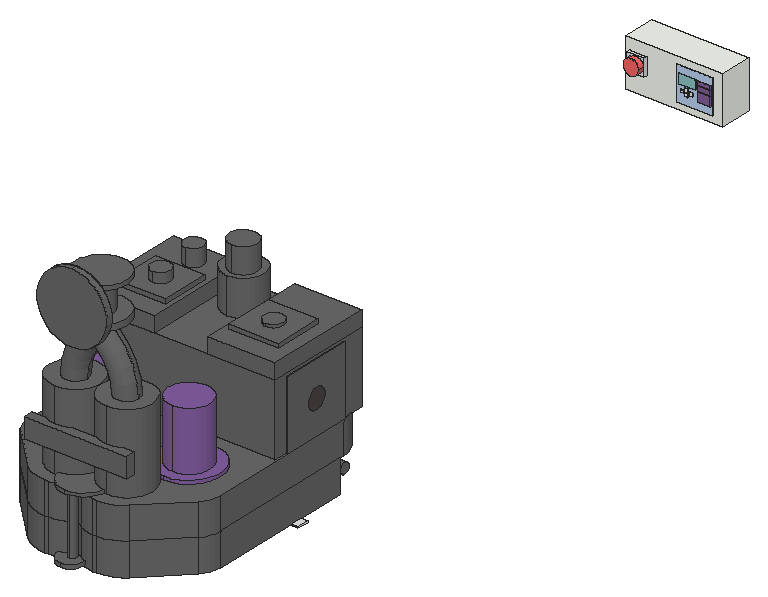
Revit family "11075", category Generic Models, Revit 2021 (continued)
Definition of nested family "11075_part2_X0Y0"
  Definition of nested family "11075_part2_content"
    Forms (mm)
      Extrusion 33, solid, detail levels medium+fine
        sketch origin (105, -305.8, 535) x (0, 1, 0) y (0, 0, 1)
          loop
            line (0, 61) -> (0, 0) -> (425.8, 0) -> (425.8, 61) -> (0, 61)
        from 0 to 265
      Extrusion 34, solid, detail levels medium+fine
        sketch origin (125, -226.5, 596) x (0, 1, 0) y (0, 0, 1)
          loop
            line (0, 17) -> (0, 0) -> (195, 0) -> (195, 17) -> (0, 17)
        from 0 to 195
      Extrusion 35, solid, detail levels medium+fine
        sketch origin (222.5, -129, 613) x (0, 1, 0) y (-1, 0, 0)
          loop
            circle (0, 0) r 38
        from 0 to 10
      Extrusion 36, solid, detail levels medium+fine
        sketch origin (369.97, -255.75, 256) x (0, 1, 0) y (0, 0, 1)
          loop
            line (0, 271.75) -> (0, 0) -> (281.75, 0) -> (281.75, 271.75) -> (0, 271.75)
        from 0 to 10
      Extrusion 37, solid, detail levels medium+fine
        sketch origin (379, -115, 392) x (0, -1, 0) y (0, 0, -1)
          loop
            circle (0, 0) r 40
        from 0 to 1.6
      Extrusion 38, solid, detail levels medium+fine
        sketch origin (-379.97, -255.75, 256) x (0, 1, 0) y (0, 0, 1)
          loop
            line (0, 271.75) -> (0, 0) -> (281.75, 0) -> (281.75, 271.75) -> (0, 271.75)
        from 0 to 10
      Extrusion 39, solid, detail levels medium+fine
        sketch origin (-379, -115, 392) x (0, 1, 0) y (0, 0, -1)
          loop
            circle (0, 0) r 40
        from 0 to 1.6
      Extrusion 40, solid, detail levels medium+fine
        sketch origin (379.5, -242.5, 0) x (0, 1, 0) y (0, 0, 1)
          loop
            line (0, 5) -> (0, 0) -> (45, 0) -> (45, 5) -> (0, 5)
        from 0 to 30.5
      Extrusion 41, solid, detail levels medium+fine
        sketch origin (-410, -242.5, 0) x (0, 1, 0) y (0, 0, 1)
          loop
            line (0, 5) -> (0, 0) -> (45, 0) -> (45, 5) -> (0, 5)
        from 0 to 30.5
      Extrusion 42, solid, detail levels medium+fine
        sketch origin (271, 56, 60) x (0, 1, 0) y (0, 0, 1)
          loop
            circle (0, 0) r 20
        from 0 to 83.5
      Extrusion 43, solid, detail levels coarse
        sketch origin (0, -384.7, 0) x (1, 0, 0) y (0, 1, 0)
          loop
            line (-410, -515.3) -> (410, -515.3) -> (410, 515.3) -> (-410, 515.3) -> (-410, -515.3)
        from 0 to 1033.75
    Dimensions and locks
      aligned and locked: level to plane 2
